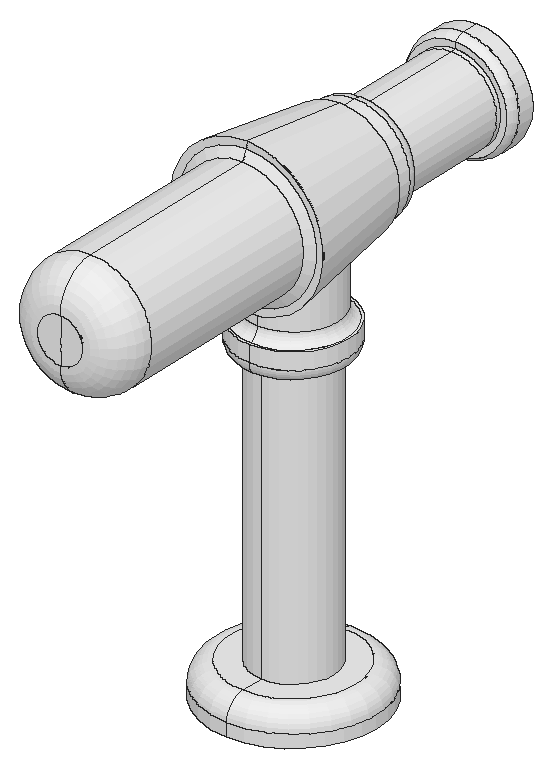
Revit family "Grohe_PlumbingFixture_BottleTrap_28920000a", category Plumbing Fixtures, host Face, Revit 2018
Family settings
  Host = Face
  Round Connector Dimension = Use Diameter
  Part Type = Normal
  OmniClass Number = 23.65.00.00
  OmniClass Title = Supply and Distribution of Liquids and Gases
  Cut with Voids When Loaded = No
  Shared = No
  Room Calculation Point = No
Parameters (values of type "28920000")
  _ObjectUserGuide = "www.bimstore.co"
  _DistributedBy = "www.bimstore.co"
  _CurrentRevision = 1
  _CreatedBy = "www.bimstore.co"
  _BimSpecGuid = 0
  _BSBibleVersion = 16
  _AuthorizedBy = "bimstore"
  _Author = "RL"
  WarrantyStartDate [instance] = "Please record on commissioning."
  WarrantyGuarantorParts = "info-uk@grohe.com"
  WarrantyGuarantorLabor = "info-uk@grohe.com"
  WarrantyDurationUnit = "Years"
  WarrantyDurationParts = "0"
  WarrantyDurationLabor = "0"
  WarrantyDescription = "n/a"
  URL = "www.grohe.com"
  TypeName = "BOTTLE TRAP, 1 1/4″"
  Type Comments = "BOTTLE TRAP, 1 1/4″"
  SpareParts = "info-uk@grohe.com"
  Size = "n/a"
  Shape = "n/a"
  SerialNumber [instance] = "Please record on commissioning."
  ReplacementCost = "n/a"
  ReferencedStandard = "n/a"
  ProductionYear = "2020"
  ProductPageURL = "https://www.grohe.co.uk/en_gb/others-bottle-trap-1-1-4-28920000.html"
  ProductDocumentationLink = "n/a"
  PercentageOfRecycledContent = "n/a"
  NominalLength = 0 mm
  NominalHeight = 0 mm
  NominalDepth = 0 mm
  NBSReference = "n/a"
  NBSOfficeMasterTag = "n/a"
  NBSObjectName = "n/a"
  NBSNote = ""
  NBSDescription = "n/a"
  ModelReference = "BOTTLE TRAP, 1 1/4″"
  ModelNumber = "28920000"
  Model = "n/a"
  Material = "n/a"
  MasterformatTitle = "Sanitary Facilities"
  MasterformatNumber = "01 52 19"
  ManufacturerName = "Grohe"
  Manufacturer = "Grohe"
  LowEmittingMaterial = no
  LEEDCredit = "n/a"
  Keynote = "N13"
  InstallationDate [instance] = "Please record on commissioning."
  IndustryStandards = "n/a"
  IfcExportType = "IfcPipeFittingType"
  IfcExportAs = "IfcPipeFitting"
  HotWaterConnectionDiameter = 10 mm
  HWFU = 0
  Grade = "n/a"
  Finish = "n/a"
  Features = "for basins \r\nwith fixed dip tube \r\nwall connection \r\nescutcheon \r\nGROHE StarLight chrome finish"
  FaucetMaterial = Grohe-Chrome
  ExpectedLife = 0
  Ecojoy = no
  DurationUnit = "Years"
  DocumentationTechnical = "www.grohe.co.uk/"
  DocumentationMaintenance = "www.grohe.co.uk/"
  DocumentationLiterature = "www.grohe.co.uk/"
  DocumentationInstallationGuide = "www.grohe.co.uk/"
  DocumentationCertificates = "www.grohe.co.uk/"
  Description = "n/a"
  Default Elevation = 0 mm
  CreatedOn = "2020-03-01T09:00:00"
  CreatedBy = "info-uk@grohe.com"
  Cost = 0
  ContactGrohe = "info-uk@grohe.com"
  Constituents = "n/a"
  Color = "Chrome"
  ColdWaterConnectionDiameter = 10 mm
  CodePerformance = "n/a"
  ClassificationValue = "n/a"
  ClassificationName = "Uniclass 2015"
  CWFU = 0
  BarCode [instance] = "Please record on commissioning."
  BIMObjectName = "Grohe_PlumbingFixture_BottleTrap_28920000"
  AssetType = "Fixed"
  AssetIdentifier [instance] = "Please record on commissioning."
  Assembly Code = "D2010"
  AccessibilityPerformance = "n/a"
  ADACompliant = no
Reference planes
  plane 1 "Center (Front/Back)": y = 0
  plane 2: z = 0
  plane 3 "Center (Left/Right)": x = 0
Forms (mm)
  Revolve 1, solid, material "Grohe-Chrome" <- "FaucetMaterial"
    sketch origin (0, 0, 0) x (0, 1, 0) y (0, 0, 1)
      loop
        line (17.502, 175.915) -> (0, 175.915) -> (0, 0) -> (32.882, 0) -> (32.882, 5.007)
        arc (32.882, 5.007) -> (30.539, 10.664) -> (24.882, 13.007) r 8
        line (24.882, 13.007) -> (15.722, 13.007) -> (15.722, 123.161) -> (20.159, 123.161)
        arc (20.159, 123.161) -> (21.353, 125.021) -> (21.771, 127.192) r 5.845
        line (21.771, 127.192) -> (21.771, 133.743) -> (20.752, 133.743)
        arc (20.752, 133.743) -> (18.394, 135.576) -> (17.502, 138.427) r 5
        line (17.502, 138.427) -> (17.502, 175.915)
      axis (0, 175.915) -> (0, 0)
    angle from 0 to 360
  Revolve 2, solid, material "Grohe-Chrome" <- "FaucetMaterial"
    sketch origin (0, 0, 0) x (0, 1, 0) y (0, 0, 1)
      loop
        line (90.487, 175.915) -> (90.487, 197.683) -> (83.936, 197.683)
        arc (83.936, 197.683) -> (81.765, 197.265) -> (79.904, 196.071) r 5.845
        line (79.904, 196.071) -> (79.904, 193.537) -> (78.125, 193.315) -> (34.332, 193.315) -> (34.332, 196.071)
        arc (34.332, 196.071) -> (32.471, 197.265) -> (30.3, 197.683) r 5.845
        line (30.3, 197.683) -> (23.749, 197.683) -> (23.749, 196.447) -> (23.002, 196.878) -> (23.002, 199.32) -> (-22.998, 206.165) -> (-22.998, 203.324) -> (-25.196, 199.806) -> (-99.79, 199.806)
        arc (-99.79, 199.806) -> (-110.397, 195.413) -> (-114.79, 184.806) r 15
        line (-114.79, 184.806) -> (-114.79, 175.915) -> (90.487, 175.915)
      axis (90.487, 175.915) -> (-114.79, 175.915)
    angle from 0 to 360
Cuts and joins
  joined: Revolve 1, Revolve 2
Dimensions and locks
  aligned and locked: plane 2 to host face
  aligned and locked: level to host face
Connectors
  piping at (0, 90.487, 175.915), diameter 39.5
    settings: on cut or joined group of Revolve 1, Revolve 2, index 1, connector inside diameter 609.6 mm, connector length 0 mm, flow factor 0, pipe flow 0.0 L/s, pressure drop 0.0 Pa, fitting loss kfactor 0, connector angle 0.00°, fixture units 0, engagement length 0 mm, angle of deflection 0.00°, flow configuration 0, flow direction 1, fitting loss method 4, system type 16, joint type 0, gender type 0, connector reference index -1, connector utility 0, adjustable connector no, is connector primary yes, connector description ""
  piping at (0, 0, 0), diameter 32
    settings: on cut or joined group of Revolve 1, Revolve 2, index 2, connector inside diameter 609.6 mm, connector length 0 mm, flow factor 0, pipe flow 0.0 L/s, pressure drop 0.0 Pa, fitting loss kfactor 0, connector angle 0.00°, fixture units 0, engagement length 0 mm, angle of deflection 0.00°, flow configuration 0, flow direction 2, fitting loss method 4, system type 16, joint type 0, gender type 0, connector reference index -1, connector utility 0, adjustable connector no, is connector primary no, connector description ""
